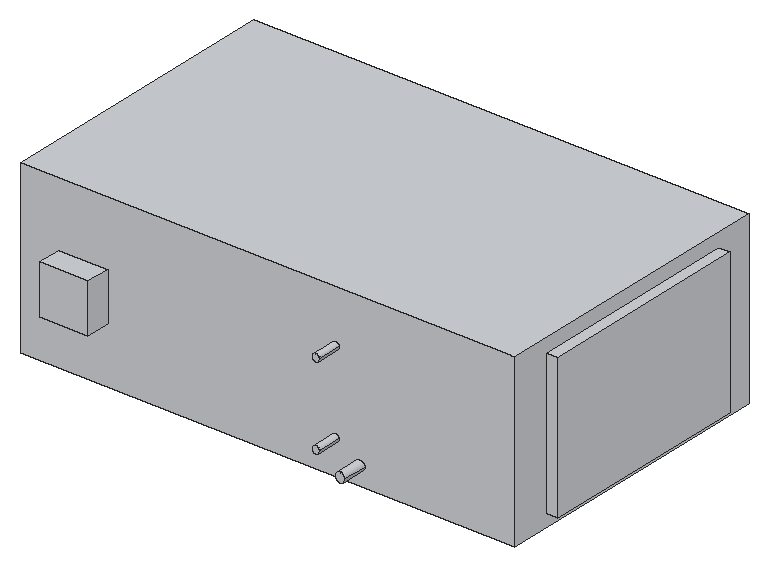
Revit family "M_AHU interior - Horizontal - Serpentina de água resfriada", category Equipamento mecânico, Revit 2019
Family settings
  Cota do conector redondo = Usar raio
  Tipo de parte = Normal
  Número OmniClass = 23.75.35.14.17
  Título OmniClass = Modular Indoor Air Handling Units
  ID de item do Seek = Indoor AHU - Horizontal - Chilled Water Coil-0000-CAN-ENU
  Com base no plano de trabalho = Não
  Sempre na vertical = Sim
  Corte com vazios quando carregada = Não
  Compartilhado = Não
  Ponto de cálculo do ambiente = Não
Parameters (values of type "Unidade tamanho 12")
  Pressão da água [instance] = 1793.0 Pa
  Fluxo da água [instance] = 0.06 L/s
  Voltagem = 208 V
  Largura da unidade = 610 mm
  Comprimento da unidade = 1035 mm
  Altura da unidade = 356 mm
  Largura do duto de fornecimento = 200 mm
  Altura do duto de fornecimento = 250 mm
  Largura do duto de retorno = 450 mm
  Altura do duto de retorno = 300 mm
  Raio da saída = 7.5 mm
  Diâmetro da saída = Raio da saída * 2  # 15 mm
  Número de pólos = 3
  Classificação de carga = Refrigeração
  Raio da embocadura = 7.5 mm
  Diâmetro da embocadura = Raio da embocadura * 2  # 15 mm
  Fluxo da drenagem [instance] = 0.0 L/s
  Distância = 173 mm
  C3 Deslocamento 1 = 72 mm
  Carga aparente = 627 VA
  Pressão estática externa [instance] = 311.0 Pa
  Fluxo de ar [instance] = 189.0 L/s
Types (8, lengths in mm): name | Pressão da água | Fluxo da água | Largura da unidade | Comprimento da unidade | Altura da unidade | Largura do duto de fornecimento | Altura do duto de fornecimento | Largura do duto de retorno | Altura do duto de retorno | Raio da saída | Diâmetro da saída | Raio da embocadura | Diâmetro da embocadura | Distância | C3 Deslocamento 1 | Carga aparente | Fluxo de ar
  (no name) | 1793.0 Pa | 0.06 L/s | 610 | 1035 | 356 | 200 | 250 | 450 | 300 | 7.5 | 15 | 7.5 | 15 | 173 | 72 | 627 VA | 189.0 L/s
  Unidade tamanho 12 | 1793.0 Pa | 0.06 L/s | 610 | 1035 | 356 | 200 | 250 | 450 | 300 | 7.5 | 15 | 7.5 | 15 | 173 | 72 | 627 VA | 189.0 L/s
  Unidade tamanho 18 | 5378.0 Pa | 0.13 L/s | 711 | 1035 | 356 | 200 | 250 | 550 | 300 | 7.5 | 15 | 7.5 | 15 | 173 | 72 | 627 VA | 283.0 L/s
  Unidade tamanho 24 | 5792.0 Pa | 0.19 L/s | 711 | 1168 | 457 | 300 | 320 | 550 | 400 | 7.5 | 15 | 7.5 | 15 | 228 | 91 | 627 VA | 378.0 L/s
  Unidade tamanho 36 | 26406.0 Pa | 0.32 L/s | 1016 | 1168 | 457 | 300 | 330 | 850 | 400 | 7.5 | 15 | 7.5 | 15 | 229 | 91 | 940 VA | 566.0 L/s
  Unidade tamanho 54 | 3240.0 Pa | 0.32 L/s | 1016 | 1245 | 559 | 300 | 320 | 850 | 500 | 7.5 | 15 | 7.5 | 15 | 265 | 107 | 1254 VA | 850.0 L/s
  Unidade tamanho 72 | 8205.0 Pa | 0.5 L/s | 1219 | 1245 | 559 | 300 | 320 | 1000 | 500 | 7.5 | 15 | 7.5 | 15 | 265 | 122 | 1880 VA | 1133.0 L/s
  Unidade tamanho 90 | 114450.0 Pa | 0.69 L/s | 1219 | 1320 | 711 | 300 | 320 | 1000 | 630 | 10 | 20 | 10 | 20 | 396 | 122 | 1880 VA | 1416.0 L/s
Reference planes
  plane 1 "Centro (Frente/Trás)": y = 0
  plane 2: z = 0
  plane 3 "Centro (Esquerda/Direita)": x = 0
  plane 4: x = 1035
  plane 5: y = 610
  plane 6: z = 356
  plane 7: x = 659.334
  plane 8: x = 710.134
  plane 9: x = 1060.4
  plane 10: x = -25.4
  plane 11: z = 178
  plane 12: z = 328
  plane 13: z = 28
  plane 14: z = 303
  plane 15: z = 53
  plane 16: z = 38.1
  plane 17: z = 72
  plane 18: z = 245
  plane 19: y = -50.8
  plane 20: x = 132.08
  plane 21: z = 169.672
  plane 22: x = 182.88
  plane 23: x = 81.28
  plane 24: z = 118.872
  plane 25: z = 220.472
  plane 26: y = 305
  plane 27: y = 530
  plane 28: y = 80
  plane 29: y = 205
  plane 30: y = 405
Forms (mm)
  Extrusion 1, solid
    sketch origin (0, 0, 0) x (1, 0, 0) y (0, 1, 0)
      loop
        line (0, 610) -> (0, 0) -> (1035, 0) -> (1035, 610) -> (0, 610)
    from 0 to 356
  Extrusion 2, solid
    sketch origin (0, 0, 0) x (1, 0, 0) y (0, 0, 1)
      loop
        circle (710.134, 38.1) r 10
    from 0 to 50.8
  Extrusion 3, solid
    sketch origin (0, 0, 0) x (1, 0, 0) y (0, 0, 1)
      loop
        circle (659.334, 72) r 7.5
    from 0 to 50.8
  Extrusion 4, solid
    sketch origin (0, 0, 0) x (1, 0, 0) y (0, 0, 1)
      loop
        circle (659.334, 245) r 7.5
    from 0 to 50.8
  Extrusion 5, solid
    sketch origin (0, 0, 0) x (1, 0, 0) y (0, 0, 1)
      loop
        line (81.28, 220.472) -> (81.28, 118.872) -> (182.88, 118.872) -> (182.88, 220.472) -> (81.28, 220.472)
    from 0 to 50.8
  Extrusion 6, solid
    sketch origin (0, 0, 0) x (0, 1, 0) y (0, 0, 1)
      loop
        line (80, 328) -> (80, 28) -> (530, 28) -> (530, 328) -> (80, 328)
    from 1035 to 1060.4
  Extrusion 7, solid
    sketch origin (0, 0, 0) x (0, 1, 0) y (0, 0, 1)
      loop
        line (405, 303) -> (205, 303) -> (205, 53) -> (405, 53) -> (405, 303)
    from 0 to -25.4
Dimensions and locks
  "Comprimento da unidade": plane 3 "Centro (Esquerda/Direita)" to plane 4
  "Largura da unidade": plane 1 "Centro (Frente/Trás)" to plane 5
  "Altura da unidade": plane 6 to plane 2
  locked: plane 4 to plane 7 at 375.666
  locked: plane 4 to plane 8 at 324.866
  locked: plane 9 to plane 4 at 25.4
  locked: plane 3 "Centro (Esquerda/Direita)" to plane 10 at 25.4
  equal spacing: plane 6, plane 11, plane 2
  equal spacing: plane 12, plane 11, plane 13
  "Altura do duto de retorno": plane 12 to plane 13
  equal spacing: plane 14, plane 11, plane 15
  "Altura do duto de fornecimento": plane 14 to plane 15
  locked: plane 16 to plane 2 at 38.1
  "C3 Deslocamento 1": plane 17 to plane 2
  "Distância": plane 18 to plane 17
  locked: plane 19 to plane 1 "Centro (Frente/Trás)" at 50.8
  locked: plane 20 to plane 3 "Centro (Esquerda/Direita)" at 132.08
  locked: plane 21 to plane 2 at 169.672
  equal spacing: plane 23, plane 20, plane 22
  locked: plane 23 to plane 22 at 101.6
  equal spacing: plane 25, plane 21, plane 24
  locked: plane 25 to plane 24 at 101.6
  equal spacing: plane 1 "Centro (Frente/Trás)", plane 26, plane 5
  equal spacing: plane 28, plane 26, plane 27
  "Largura do duto de retorno": plane 28 to plane 27
  equal spacing: plane 30, plane 26, plane 29
  "Largura do duto de fornecimento": plane 30 to plane 29
  radius of Extrusion 2 sketch curve = 10 mm
  "Raio da saída": radius of Extrusion 3 sketch curve
  "Raio da embocadura": radius of Extrusion 4 sketch curve
  aligned and locked: plane 3 "Centro (Esquerda/Direita)" to Extrusion 1 sketch curve
  aligned and locked: plane 5 to Extrusion 1 sketch curve
  aligned and locked: plane 1 "Centro (Frente/Trás)" to Extrusion 1 sketch curve
  aligned and locked: Extrusion 1 sketch curve to plane 4
  aligned and locked: Extrusion 1 to plane 2
  aligned and locked: plane 6 to Extrusion 1
  aligned and locked: plane 16 to Extrusion 2 sketch curve
  aligned and locked: plane 8 to Extrusion 2 sketch curve
  aligned and locked: plane 17 to Extrusion 3 sketch curve
  aligned and locked: plane 7 to Extrusion 3 sketch curve
  aligned and locked: plane 18 to Extrusion 4 sketch curve
  aligned and locked: plane 7 to Extrusion 4 sketch curve
  aligned and locked: Extrusion 4 to plane 1 "Centro (Frente/Trás)"
  aligned and locked: Extrusion 2 to plane 1 "Centro (Frente/Trás)"
  aligned and locked: plane 19 to Extrusion 2
  aligned and locked: plane 19 to Extrusion 4
  aligned and locked: plane 19 to Extrusion 3
  aligned and locked: plane 1 "Centro (Frente/Trás)" to Extrusion 3
  aligned and locked: plane 23 to Extrusion 5 sketch curve
  aligned and locked: plane 25 to Extrusion 5 sketch curve
  aligned and locked: plane 24 to Extrusion 5 sketch curve
  aligned and locked: Extrusion 5 sketch curve to plane 22
  aligned and locked: Extrusion 5 to plane 1 "Centro (Frente/Trás)"
  aligned and locked: plane 19 to Extrusion 5
  aligned and locked: Extrusion 6 sketch curve to plane 12
  aligned and locked: Extrusion 6 sketch curve to plane 13
  aligned and locked: plane 27 to Extrusion 6 sketch curve
  aligned and locked: plane 28 to Extrusion 6 sketch curve
  aligned and locked: Extrusion 6 to plane 4
  aligned and locked: plane 9 to Extrusion 6
  aligned and locked: plane 30 to Extrusion 7 sketch curve
  aligned and locked: plane 14 to Extrusion 7 sketch curve
  aligned and locked: plane 29 to Extrusion 7 sketch curve
  aligned and locked: Extrusion 7 sketch curve to plane 15
  aligned and locked: plane 3 "Centro (Esquerda/Direita)" to Extrusion 7
  aligned and locked: Extrusion 7 to plane 10
Connectors
  hvac at (-25.4, 305, 178), driven by "Fluxo de ar", driven by "Altura do duto de fornecimento", driven by "Largura do duto de fornecimento"
    settings: on Extrusion 7, index 1, duct flow 189.0 L/s, flow factor 0, pres drop 0.0 Pa, loss coef 0, conn angle 0.00°, conn width 200 mm, conn height 250 mm, conn diameter 609.6 mm, duct sys type 1, conn prof type 1, flow config 0, flow direction 2, loss method 0, conn ref index 2, conn util no, is conn primary yes, conn desc ""
  hvac at (1060.4, 305, 178), driven by "Fluxo de ar", driven by "Altura do duto de retorno", driven by "Largura do duto de retorno"
    settings: on Extrusion 6, index 2, duct flow 189.0 L/s, flow factor 0, pres drop 0.0 Pa, loss coef 0, conn angle 0.00°, conn width 450 mm, conn height 300 mm, conn diameter 609.6 mm, duct sys type 2, conn prof type 1, flow config 0, flow direction 1, loss method 0, conn ref index 1, conn util no, is conn primary no, conn desc ""
  piping at (659.334, -50.8, 72), diameter 15, driven by "Fluxo da água", driven by "Pressão da água", driven by "Raio da saída"
    settings: on Extrusion 3, index 3, connector inside diameter 15 mm, connector length 0 mm, flow factor 0, pipe flow 0.06 L/s, pressure drop 1793.0 Pa, fitting loss kfactor 0, connector angle 0.00°, fixture units 0, engagement length 0 mm, angle of deflection 0.00°, flow configuration 1, flow direction 2, fitting loss method 4, system type 8, joint type 0, gender type 0, connector reference index 4, connector utility 0, adjustable connector no, is connector primary yes, connector description ""
  piping at (659.334, -50.8, 245), diameter 15, driven by "Fluxo da água", driven by "Raio da embocadura"
    settings: on Extrusion 4, index 4, connector inside diameter 15 mm, connector length 0 mm, flow factor 0, pipe flow 0.06 L/s, pressure drop 0.0 Pa, fitting loss kfactor 0, connector angle 0.00°, fixture units 0, engagement length 0 mm, angle of deflection 0.00°, flow configuration 1, flow direction 1, fitting loss method 4, system type 7, joint type 0, gender type 0, connector reference index 3, connector utility 0, adjustable connector no, is connector primary no, connector description ""
  piping at (710.134, -50.8, 38.1), diameter 20, driven by "Fluxo da drenagem"
    settings: on Extrusion 2, index 5, connector inside diameter 20 mm, connector length 0 mm, flow factor 0, pipe flow 0.0 L/s, pressure drop 0.0 Pa, fitting loss kfactor 0, connector angle 0.00°, fixture units 0, engagement length 0 mm, angle of deflection 0.00°, flow configuration 1, flow direction 2, fitting loss method 0, system type 16, joint type 0, gender type 0, connector reference index -1, connector utility 0, adjustable connector yes, is connector primary no, connector description ""
  electrical at (132.08, -50.8, 169.672), driven by "Carga aparente", driven by "Voltagem", driven by "Número de pólos", driven by "Classificação de carga"
    settings: on Extrusion 5, index 6, voltage 208 V, apparent load 627 VA, apparent load phase1 0 VA, apparent load phase2 0 VA, apparent load phase3 0 VA, power factor 0.8, load classification "Refrigeração", number of poles 3, system type 30, power factor state 1, is connector primary yes, connector utility no, sub classification motor no, connector description ""
